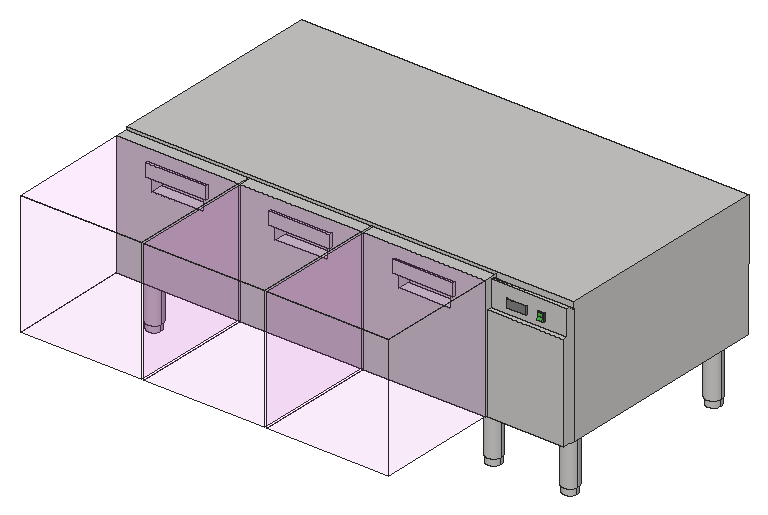
Revit family "QF_ELECTROLUXPROFESSIONAL_391601_E9TTAECOMKN", category Specialty Equipment, Revit 2018 (continued)
Definition of nested family "01_Refrigerator"
  Lines and regions (mm)
    detail lines, in view "Ref. Level"
      curve 3: line (-51.962, -30, 0) -> (51.962, 30, 0)
      curve 4: line (19.116, 56.873, 0) -> (0, 35, 0)
      curve 5: line (0, 35, 0) -> (-19.116, 56.873, 0)
      curve 6: line (-30.311, 17.5, 0) -> (-40, 45.883, 0)
      curve 7: line (-59.736, 11.7, 0) -> (-30.311, 17.5, 0)
      curve 8: line (-30.311, -17.5, 0) -> (-59.736, -11.7, 0)
      curve 9: line (-40, -45.883, 0) -> (-30.311, -17.5, 0)
      curve 10: line (0, -35, 0) -> (-19.116, -56.873, 0)
      curve 11: line (19.116, -56.873, 0) -> (0, -35, 0)
      curve 12: line (30.311, -17.5, 0) -> (39.696, -44.992, 0)
      curve 13: line (58.812, -11.882, 0) -> (30.311, -17.5, 0)
      curve 14: line (30.311, 17.5, 0) -> (58.812, 11.882, 0)
      curve 15: line (39.696, 44.992, 0) -> (30.311, 17.5, 0)
      curve 16: spline (-200, 0, 0) -> (-193.185, -23.294, 0) -> (-173.205, -45, 0) -> (-141.421, -63.64, 0) -> (-100, -77.942, 0) -> (-51.764, -86.933, 0) -> (0, -90, 0) -> (51.764, -86.933, 0) -> (100, -77.942, 0) -> (141.421, -63.64, 0) -> (173.205, -45, 0) -> (193.185, -23.294, 0) -> (200, 0, 0) -> (193.185, 23.294, 0) -> (173.205, 45, 0) -> (141.421, 63.64, 0) -> (100, 77.942, 0) -> (51.764, 86.933, 0) -> (0, 90, 0) -> (-51.764, 86.933, 0) -> (-100, 77.942, 0) -> (-141.421, 63.64, 0) -> (-173.205, 45, 0) -> (-193.185, 23.294, 0) -> (-200, 0, 0)
Types (2, lengths in mm): name | Volts | URL Manufacturer | URL | Manufacturer | Phase | Model | Item Number | Description | Cycle
  (no name) | 0 V | "" | "" | "" | 0 | "" | "" | "" | 0 Hz
  Standard | 220 V | "http://professional.electrolux.com" | "http://professional.electrolux.com" | "Electrolux Professional" | 1 | "E9TTAECOMKN" | "391601" | "REFRIGERATED BASE WITH 3 DRAWERS 1600MM - R290" | 50 Hz
